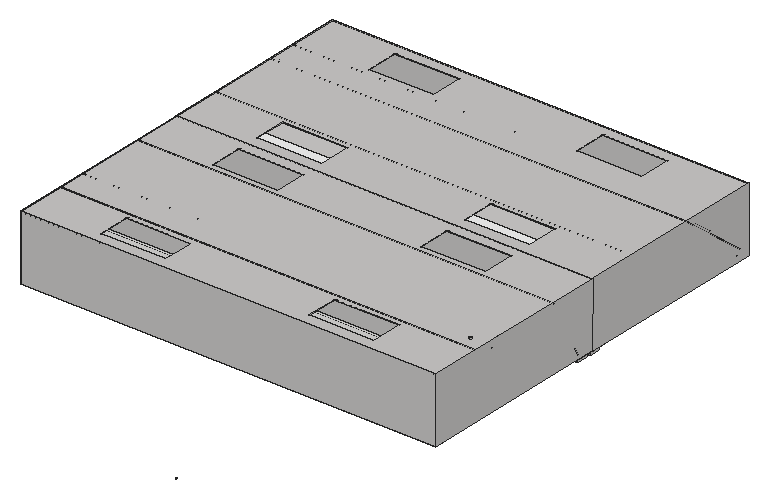
Revit family "QF_ELECTROLUXPROFESSIONAL_641396_STCF3032", category Attrezzature speciali, Revit 2021
Family settings
  Quota connettore circolare = Usa diametro
  Tipo di parte = Normale
  Basato su piano di lavoro = No
  Sempre verticale = Sì
  Taglio con vuoti quando caricato = No
  Condiviso = No
  Punto di calcolo locali = No
Parameters (values of type "Standard")
  Weight = 203.00 kg
  Watts = 480 W
  Volts = 220 V
  URL Manufacturer = "https://www.electroluxprofessional.com/"
  URL = "https://www.electroluxprofessional.com/"
  Steam Supply Size = 0 mm
  Steam Supply Minimum Pressure = 0.0 Pa
  Steam Supply Maximum Pressure = 0.0 Pa
  Steam Consumption per Hour = 0
  Refrigeration Suction Line Size = 0.0 mm
  Refrigeration Liquid Line Size = 0.0 mm
  Refrigerant Compressor Remote = yes
  Prospetto di default = 0.0 mm
  Produttore = "Electrolux Professional"
  Phase = 1
  Modello = "STCF3032"
  Length Actual = 3200.0 mm  # constant formula
  Item Number = "641396"
  Hot Water Size = 0 mm
  Height Actual = 500.0 mm  # constant formula
  HP = "0.6 HP"
  Gas Size = 0 mm
  Gas KW = 0
  Gas Input Pressure = 0 W
  Direct Waste Size = 0 mm
  Descrizione = "304 S/S ISLAND HOOD+FILT.+LAMPS 320X300"
  Depth Actual = 3000.0 mm  # constant formula
  Cycle = 50 Hz
  Condensate Return Size = 0 mm
  Compressed Air Volume = 0.0 L/s
  Compressed Air Size = 0 mm
  Compressed Air Pressure = 0.0 Pa
  Cold Water Size = 0 mm
  Accessory = yes
Reference planes
  plane 1 "Center (Front/Back)": y = 0
  plane 2: z = 0
  plane 3 "Center (Left/Right)": x = 0
  plane 4 "LEFT": x = -1600
  plane 5 "RIGHT": x = 1600
  plane 6 "BACK": y = 1500
  plane 7 "FRONT": y = -1500
  plane 8 "Base": z = 2000
  plane 9 "EIx": x = 1480
  plane 10 "Top": z = 2500
  plane 11 "BaseHood": z = 2000
  plane 12: y = 1500
  plane 13: y = -1020
Forms (mm)
  Extrusion 1, solid, material "QF_Finishes_Stainless Steel"
    sketch origin (-200, -1020, 2500) x (0, 1, 0) y (-1, 0, 0)
      loop
        circle (0, -1680) r 10
    from 0 to 1.6
Dimensions and locks
  plane 4 "LEFT" to plane 5 "RIGHT" = 3200.0 mm
  equal spacing: plane 4 "LEFT", plane 3 "Center (Left/Right)", plane 5 "RIGHT"
  equal spacing: plane 6 "BACK", plane 1 "Center (Front/Back)", plane 7 "FRONT"
  plane 6 "BACK" to plane 7 "FRONT" = 3000.0 mm  (x2)
  plane 9 "EIx" to plane 5 "RIGHT" = 120.0 mm
  plane 11 "BaseHood" to level = 2000.0 mm
  plane 10 "Top" to plane 11 "BaseHood" = 500.0 mm
  plane 13 to plane 7 "FRONT" = 480.0 mm
  aligned and locked: level to plane 2
Automatic sketch dimensions
  plane 1 "Center (Front/Back)" to Extrusion 1 sketch curve = 1020.0 mm
  Extrusion 1 sketch curve to plane 9 "EIx" = 0.0 mm
  radius of Extrusion 1 sketch curve = 10.0 mm
Nested families
  nested 1: "QF_ELECTROLUXPROFESSIONAL_641262" at (-150, -550, 0), type "QF_ELECTROLUXPROFESSIONAL_641262"
  nested 2: "QF_ELECTROLUXPROFESSIONAL_641262" at (-150, 550, 0), type "QF_ELECTROLUXPROFESSIONAL_641262"
Connectors
  hvac at (-800, -1289, 2505)
    settings: on nested 1, index 1, duct flow 0.0 L/s, flow factor 0, pres drop 0.0 Pa, loss coef 0, conn angle 0.00°, conn width 250 mm, conn height 500 mm, conn diameter 609.6 mm, duct sys type 1, conn prof type 1, flow config 1, flow direction 1, loss method 0, conn ref index -1, conn util no, is conn primary yes, conn desc "AIR INLET"
  hvac at (800, -1289, 2505)
    settings: on nested 1, index 8, duct flow 0.0 L/s, flow factor 0, pres drop 0.0 Pa, loss coef 0, conn angle 0.00°, conn width 250 mm, conn height 500 mm, conn diameter 609.6 mm, duct sys type 1, conn prof type 1, flow config 1, flow direction 1, loss method 0, conn ref index -1, conn util no, is conn primary no, conn desc "AIR INLET"
  piping at (1480, -60, 1970), diameter 9.5
    settings: on nested 1, index 10, connector inside diameter 609.6 mm, connector length 0.0 mm, flow factor 0, pipe flow 0.0 L/s, pressure drop 0.0 Pa, fitting loss kfactor 0, connector angle 0.00°, fixture units 0, engagement length 0.0 mm, angle of deflection 0.00°, flow configuration 1, flow direction 2, fitting loss method 0, system type 16, joint type 0, gender type 0, connector reference index -1, connector utility 0, adjustable connector no, is connector primary yes, connector description "Drain"
  electrical at (1480, -1020, 2501.6), driven by "Volts"
    settings: on Extrusion 1, index 11, voltage 220 V, apparent load 0 VA, apparent load phase1 0 VA, apparent load phase2 0 VA, apparent load phase3 0 VA, power factor 1, load classification "Other", number of poles 1, system type 30, power factor state 1, is connector primary yes, connector utility no, sub classification motor no, connector description "Electrical Connection"
  hvac at (-800, 1289, 2505)
    settings: on nested 2, index 12, duct flow 0.0 L/s, flow factor 0, pres drop 0.0 Pa, loss coef 0, conn angle 0.00°, conn width 500 mm, conn height 250 mm, conn diameter 609.6 mm, duct sys type 1, conn prof type 1, flow config 1, flow direction 1, loss method 0, conn ref index -1, conn util no, is conn primary no, conn desc "AIR INLET"
  hvac at (800, 1289, 2505)
    settings: on nested 2, index 15, duct flow 0.0 L/s, flow factor 0, pres drop 0.0 Pa, loss coef 0, conn angle 0.00°, conn width 500 mm, conn height 250 mm, conn diameter 609.6 mm, duct sys type 1, conn prof type 1, flow config 1, flow direction 1, loss method 0, conn ref index -1, conn util no, is conn primary no, conn desc "AIR INLET"
  piping at (1480, 60, 1970), diameter 9.5
    settings: on nested 2, index 16, connector inside diameter 609.6 mm, connector length 0.0 mm, flow factor 0, pipe flow 0.0 L/s, pressure drop 0.0 Pa, fitting loss kfactor 0, connector angle 0.00°, fixture units 0, engagement length 0.0 mm, angle of deflection 0.00°, flow configuration 1, flow direction 2, fitting loss method 0, system type 16, joint type 0, gender type 0, connector reference index -1, connector utility 0, adjustable connector no, is connector primary no, connector description ""
  hvac at (-800, 211, 2500)
    settings: on nested 2, index 17, duct flow 0.0 L/s, flow factor 0, pres drop 0.0 Pa, loss coef 0, conn angle 0.00°, conn width 250 mm, conn height 500 mm, conn diameter 609.6 mm, duct sys type 3, conn prof type 1, flow config 1, flow direction 2, loss method 0, conn ref index -1, conn util no, is conn primary no, conn desc "EXHAUST OUTLET"
  hvac at (-800, -211, 2500)
    settings: on nested 1, index 18, duct flow 0.0 L/s, flow factor 0, pres drop 0.0 Pa, loss coef 0, conn angle 0.00°, conn width 500 mm, conn height 250 mm, conn diameter 609.6 mm, duct sys type 3, conn prof type 1, flow config 1, flow direction 2, loss method 0, conn ref index -1, conn util no, is conn primary no, conn desc "EXHAUST OUTLET"
  hvac at (800, 211, 2500)
    settings: on nested 2, index 20, duct flow 0.0 L/s, flow factor 0, pres drop 0.0 Pa, loss coef 0, conn angle 0.00°, conn width 250 mm, conn height 500 mm, conn diameter 609.6 mm, duct sys type 3, conn prof type 1, flow config 1, flow direction 2, loss method 0, conn ref index -1, conn util no, is conn primary no, conn desc "EXHAUST OUTLET"
  hvac at (800, -211, 2500)
    settings: on nested 1, index 21, duct flow 0.0 L/s, flow factor 0, pres drop 0.0 Pa, loss coef 0, conn angle 0.00°, conn width 500 mm, conn height 250 mm, conn diameter 609.6 mm, duct sys type 3, conn prof type 1, flow config 1, flow direction 2, loss method 0, conn ref index -1, conn util no, is conn primary no, conn desc "EXHAUST OUTLET"
Definition of nested family "QF_ELECTROLUXPROFESSIONAL_641262"
  Parameters
    Default Elevation = 0.0 mm
  Reference planes
    plane 1: z = 0
    plane 2 "Center (Left/Right)": x = 150
    plane 3 "LEFT": x = -1450
    plane 4 "RIGHT": x = 1750
    plane 5 "BACK": y = 550
    plane 6 "TOP": z = 2500
    plane 7 "Base": z = 2000
    plane 8: z = 1955
    plane 9 "DrainY": y = 490
    plane 10: x = -1447
    plane 11 "DrainX": x = 1630
    plane 12 "AOLeft2": x = -400
    plane 13 "AORight1": x = 700
    plane 14: x = 1747
    plane 15: x = -1250
    plane 16: x = 1550
    plane 17 "Center (Front/Back)": y = -200
    plane 18 "Front": y = -950
    plane 19 "AOLeft1": x = -900
    plane 20 "AORight2": x = 1200
    plane 21: y = -864
    plane 22: y = -614
    plane 23 "EI_y": y = -470
    plane 24 "EIx": x = 1630
    plane 25: y = 464
    plane 26: y = 214
  Forms (mm)
    Extrusion 1, solid
      sketch origin (-1450, 0, 360) x (0, 1, 0) y (0, 0, 1)
        loop
          line (550, 1640) -> (550, 2140) -> (-950, 2140) -> (-950, 1640) -> (550, 1640)
      from 0 to 3
    Extrusion 2, solid
      sketch origin (1750, 0, 360) x (0, 1, 0) y (0, 0, 1)
        loop
          line (550, 1640) -> (550, 2140) -> (-950, 2140) -> (-950, 1640) -> (550, 1640)
      from 0 to -3
    Extrusion 3, solid
      sketch origin (150, 0, 360) x (0, 1, 0) y (0, 0, 1)
        loop
          line (-950, 2140) -> (-950, 1640) -> (-940, 1640) -> (-940, 1640.8) -> (-949.2, 1640.8) -> (-949.2, 2139.19) -> (549.2, 2139.19) -> (549.2, 1640.8) -> (540, 1640.8) -> (540, 1640) -> (550, 1640) -> (550, 2140) -> (-950, 2140)
      from -1600 to 1600
    Extrusion 4, solid
      sketch origin (0, 0, 2000) x (0, 1, 0) y (-1, 0, 0)
        loop
          circle (490, -1630) r 4.763
      from -30 to 0
    Extrusion 5, void
      sketch origin (0, 0, 2500) x (0, 1, 0) y (-1, 0, 0)
        loop
          line (-614, 400) -> (-614, 900) -> (-864, 900) -> (-864, 400) -> (-614, 400)
      from 0 to -10
    Extrusion 6, solid
      sketch origin (0, 0, 0) x (1, 0, 0) y (0, 1, 0)
        loop
          line (-1450, 550) -> (-1450, 549) -> (-1449, 549) -> (-1449, 550) -> (-1450, 550)
      from 0 to 1
    Extrusion 7, solid
      sketch origin (150, 0, 360) x (0, 1, 0) y (0, 0, 1)
        loop
          line (-572.823, 1962.324) -> (-418.948, 2086.929) -> (-427.129, 2097.032) -> (-581.003, 1972.426) -> (-572.823, 1962.324)
      from 1597 to -1597
    Sweep 8, solid
      path origin (0, 0, 0) x (1, 0, 0) y (0, 1, 0)
        loop
          line (1750, 550) -> (-1450, 550) -> (-1450, -950) -> (1750, -950) -> (1750, 550)
      profile origin (1750, -200, 0) x (1, 0, 0) y (0, 0, 1)
        loop
          line (-3, 2000) -> (-3, 2000.8) -> (-19, 2000.8) -> (-19, 2010) -> (-20, 2010) -> (-20, 2000) -> (-3, 2000)
    Extrusion 9, solid
      sketch origin (150, 0, 0) x (0, 1, 0) y (0, 0, 1)
        loop
          line (414.66, 2095.469) -> (440.643, 2110.471) -> (261.744, 2411.771) -> (235.948, 2396.455) -> (414.66, 2095.469)
      from -1597 to -1400
    Extrusion 10, void
      sketch origin (1134.605, 0, 2500) x (0, 1, 0) y (-1, 0, 0)
        loop
          line (-614, -65.395) -> (-614, 434.605) -> (-864, 434.605) -> (-864, -65.395) -> (-614, -65.395)
      from 0 to -10
    Extrusion 11, solid
      sketch origin (1630, 0, 0) x (0, 1, 0) y (0, 0, 1)
        loop
          line (539, 2000) -> (441, 2000) -> (441, 1989) -> (448.5, 1989) -> (448.5, 1965)
          arc (448.5, 1965) -> (451.429, 1957.929) -> (458.5, 1955) r 10
          line (458.5, 1955) -> (521.5, 1955)
          arc (521.5, 1955) -> (528.571, 1957.929) -> (531.5, 1965) r 10
          line (531.5, 1965) -> (531.5, 1989) -> (539, 1989) -> (539, 2000)
      from 90 to -90
    Extrusion 12, solid
      sketch origin (150, 0, 0) x (0, 1, 0) y (0, 0, 1)
        loop
          line (414.66, 2095.469) -> (440.643, 2110.471) -> (261.744, 2411.771) -> (235.948, 2396.455) -> (414.66, 2095.469)
      from 1400 to 1597
    Extrusion 13, solid
      sketch origin (150, 0, 0) x (0, 1, 0) y (0, 0, 1)
        loop
          line (414.66, 2095.469) -> (440.643, 2110.471) -> (261.744, 2411.771) -> (235.948, 2396.455) -> (414.66, 2095.469)
      from -1400 to 1400
    Extrusion 14, void
      sketch origin (0, 1180, 2500) x (0, 1, 0) y (-1, 0, 0)
        loop
          line (-716, 400) -> (-716, 900) -> (-966, 900) -> (-966, 400) -> (-716, 400)
      from 0 to -10
    Extrusion 15, void
      sketch origin (1600, 1180, 2500) x (0, 1, 0) y (-1, 0, 0)
        loop
          line (-716, 400) -> (-716, 900) -> (-966, 900) -> (-966, 400) -> (-716, 400)
      from 0 to -10
    Extrusion 16, solid
      sketch origin (150, 0, 360) x (0, 1, 0) y (0, 0, 1)
        loop
          line (430.005, 1640) -> (540, 1640) -> (540, 1640.8) -> (430.467, 1640.8) -> (371.906, 1742.23) -> (414.858, 1734.657) -> (442.266, 1750.481) -> (442.266, 1765.943) -> (441.466, 1765.943) -> (441.466, 1750.943) -> (414.709, 1735.495) -> (321.153, 1751.991) -> (320.875, 1750.416) -> (371.4, 1741.507) -> (430.005, 1640)
        loop
          line (172.529, 2139.19) -> (242.893, 2017.316) -> (245.133, 2018.715) -> (240.13, 2027.381) -> (238.569, 2026.405) -> (173.453, 2139.19) -> (172.529, 2139.19)
      from -1597 to 1597
    Extrusion 17, solid
      sketch origin (150, 200.8, 360) x (0, 1, 0) y (0, 0, 1)
        loop
          line (-1150, 2139.19) -> (-1150, 1640) -> (-1086.602, 1640) -> (-999.146, 1690.493) -> (-1010.058, 1709.394) -> (-1066.564, 1676.77) -> (-1114.704, 1680.982) -> (-1149.2, 1730.248) -> (-1149.2, 2139.19) -> (-1150, 2139.19)
        loop
          line (-773.6, 1961.694) -> (-781.937, 1971.99) -> (-769.095, 1982.182) -> (-769.095, 2139.19) -> (-769.895, 2139.19) -> (-769.895, 1982.569) -> (-1082.298, 1734.63) -> (-1071.091, 1720.79) -> (-773.6, 1961.694)
        loop
          line (-627.61, 2099.216) -> (-618.171, 2087.559) -> (-554.411, 2139.19) -> (-555.682, 2139.19) -> (-618.052, 2088.684) -> (-626.989, 2099.719) -> (-627.61, 2099.216)
      from -1597 to 1597
  Cuts and joins
    Extrusion 5, Extrusion 10, Extrusion 14, Extrusion 15 cuts Extrusion 3
    joined: Extrusion 2, Extrusion 3, Sweep 8
  Lines and regions (mm)
    symbolic lines, detail levels coarse
      curve 1: line (1750, 550, 2500) -> (-1450, 550, 2500)
      curve 2: line (-1450, 550, 2500) -> (-1450, -950, 2500)
      curve 3: line (1750, -950, 2500) -> (1750, 550, 2500)
      curve 4: line (-1450, 550, 0) -> (1750, -950, 0)
      curve 5: line (1750, 550, 0) -> (-1450, -950, 0)
      curve 6: line (-1450, -950, 0) -> (1750, -950, 0)
      curve 7: line (-900, 214, 2500) -> (-400, 214, 2500)
      curve 8: line (-900, 464, 2500) -> (-900, 214, 2500)
      curve 9: line (-400, 464, 2500) -> (-900, 464, 2500)
      curve 10: line (-400, 214, 2500) -> (-400, 464, 2500)
      curve 11: line (700, 464, 2500) -> (700, 214, 2500)
      curve 12: line (1200, 464, 2500) -> (700, 464, 2500)
      curve 13: line (700, 214, 2500) -> (1200, 214, 2500)
      curve 14: line (1200, 214, 2500) -> (1200, 464, 2500)
    symbolic lines
      curve 15: line (-900, -614, 0) -> (-400, -614, 0)
      curve 16: line (-900, -864, 0) -> (-900, -614, 0)
      curve 17: line (-400, -864, 0) -> (-900, -864, 0)
      curve 18: line (-400, -614, 0) -> (-400, -864, 0)
      curve 19: line (700, -614, 0) -> (1200, -614, 0)
      curve 20: line (700, -864, 0) -> (700, -614, 0)
      curve 21: line (1200, -864, 0) -> (700, -864, 0)
      curve 22: line (1200, -614, 0) -> (1200, -864, 0)
  Dimensions and locks
    plane 3 "LEFT" to plane 4 "RIGHT" = 3200.0 mm
    equal spacing: plane 3 "LEFT", plane 2 "Center (Left/Right)", plane 4 "RIGHT"
    plane 7 "Base" to plane 8 = 45.0 mm
    plane 5 "BACK" to plane 9 "DrainY" = 60.0 mm  (x2)
    plane 3 "LEFT" to plane 10 = 3.0 mm
    plane 11 "DrainX" to plane 4 "RIGHT" = 120.0 mm
    plane 14 to plane 4 "RIGHT" = 3.0 mm
    plane 3 "LEFT" to plane 15 = 200.0 mm
    plane 16 to plane 4 "RIGHT" = 200.0 mm
    locked: plane 12 "AOLeft2" to plane 13 "AORight1" at 1100
    equal spacing: plane 12 "AOLeft2", plane 2 "Center (Left/Right)", plane 13 "AORight1"
    locked: plane 7 "Base" to level at 2000
    locked: plane 6 "TOP" to plane 7 "Base" at 500
    locked: plane 19 "AOLeft1" to plane 12 "AOLeft2" at 500
    locked: plane 13 "AORight1" to plane 20 "AORight2" at 500
    locked: plane 22 to plane 21 at 250
    locked: plane 21 to plane 18 "Front" at 86
    locked: plane 23 "EI_y" to plane 18 "Front" at 480
    locked: plane 24 "EIx" to plane 4 "RIGHT" at 120
    locked: plane 5 "BACK" to plane 18 "Front" at 1500
    plane 5 "BACK" to plane 18 "Front" = 1500.0 mm
    equal spacing: plane 5 "BACK", plane 17 "Center (Front/Back)", plane 18 "Front"
    locked: plane 26 to plane 25 at 250
    plane 5 "BACK" to plane 25 = 86.0 mm
    aligned and locked: level to plane 1
    aligned and locked: plane 4 "RIGHT" to Extrusion 3
    aligned and locked: Extrusion 3 to plane 3 "LEFT"
    aligned and locked: Extrusion 2 to plane 14
    aligned and locked: Extrusion 9 to plane 10
    aligned and locked: Extrusion 5 to plane 19 "AOLeft1"
    aligned and locked: Extrusion 5 to plane 12 "AOLeft2"
    aligned and locked: plane 20 "AORight2" to Extrusion 10
    aligned and locked: plane 13 "AORight1" to Extrusion 10
    aligned and locked: plane 15 to Extrusion 9
    aligned and locked: plane 16 to Extrusion 12
    aligned and locked: plane 14 to Extrusion 12
    aligned and locked: Extrusion 13 to plane 15
    aligned and locked: Extrusion 13 to plane 16
    aligned and locked: plane 14 to Extrusion 7
    aligned and locked: Extrusion 7 to plane 10
    aligned and locked: plane 13 "AORight1" to Extrusion 15
    aligned and locked: plane 20 "AORight2" to Extrusion 15
    aligned and locked: Extrusion 14 to plane 19 "AOLeft1"
    aligned and locked: Extrusion 14 to plane 12 "AOLeft2"
    aligned and locked: Extrusion 16 to plane 10
    aligned and locked: plane 14 to Extrusion 16
    aligned and locked: Extrusion 5 to plane 21
    aligned and locked: plane 22 to Extrusion 5
    aligned and locked: Extrusion 10 to plane 21
    aligned and locked: Extrusion 17 to plane 10
    aligned and locked: plane 14 to Extrusion 17
    aligned and locked: cut or joined group of Extrusion 2, Extrusion 3, Extrusion 5, Sweep 8, Extrusion 10, Extrusion 14, Extrusion 15 to plane 25  (x2)
    aligned and locked: curve 9 to plane 25
    aligned and locked: curve 12 to plane 25
    aligned and locked: plane 26 to cut or joined group of Extrusion 2, Extrusion 3, Extrusion 5, Sweep 8, Extrusion 10, Extrusion 14, Extrusion 15  (x2)
    aligned and locked: plane 26 to curve 13
    aligned and locked: plane 26 to curve 7
  Automatic sketch dimensions
    Extrusion 4 sketch curve to plane 9 "DrainY" = 0.0 mm
    Extrusion 4 sketch curve to plane 11 "DrainX" = 0.0 mm
    Extrusion 9 sketch curve to plane 9 "DrainY" = 75.34 mm
    Extrusion 9 sketch curve to Extrusion 9 sketch curve = 25.983 mm
    plane 7 "Base" to Extrusion 9 sketch curve = 95.469 mm
    Extrusion 9 sketch curve to Extrusion 9 sketch curve = 15.001 mm
    Extrusion 9 sketch curve to plane 6 "TOP" = 103.545 mm
    Extrusion 9 sketch curve to Extrusion 9 sketch curve = 15.316 mm
    Extrusion 12 sketch curve to plane 9 "DrainY" = 75.34 mm
    Extrusion 12 sketch curve to Extrusion 12 sketch curve = 25.983 mm
    plane 7 "Base" to Extrusion 12 sketch curve = 95.469 mm
    Extrusion 12 sketch curve to Extrusion 12 sketch curve = 15.001 mm
    Extrusion 12 sketch curve to plane 6 "TOP" = 103.545 mm
    Extrusion 12 sketch curve to Extrusion 12 sketch curve = 15.316 mm
    Extrusion 13 sketch curve to plane 9 "DrainY" = 75.34 mm
    Extrusion 13 sketch curve to Extrusion 13 sketch curve = 25.983 mm
    plane 7 "Base" to Extrusion 13 sketch curve = 95.469 mm
    Extrusion 13 sketch curve to Extrusion 13 sketch curve = 15.001 mm
    Extrusion 13 sketch curve to plane 6 "TOP" = 103.545 mm
    Extrusion 13 sketch curve to Extrusion 13 sketch curve = 15.316 mm
    Extrusion 16 sketch curve to plane 7 "Base" = 0.0 mm
    Extrusion 16 sketch curve to plane 6 "TOP" = 0.81 mm
    Extrusion 16 sketch curve to Extrusion 16 sketch curve = 0.924 mm
    Extrusion 16 sketch curve to Extrusion 16 sketch curve = 2.24 mm
    Extrusion 16 sketch curve to Extrusion 16 sketch curve = 0.278 mm
    Extrusion 16 sketch curve to Extrusion 16 sketch curve = 50.525 mm
    Extrusion 16 sketch curve to Extrusion 16 sketch curve = 0.506 mm
    Extrusion 16 sketch curve to Extrusion 16 sketch curve = 42.803 mm
    Extrusion 16 sketch curve to Extrusion 16 sketch curve = 0.148 mm
    Extrusion 16 sketch curve to plane 9 "DrainY" = 59.995 mm
    plane 7 "Base" to Extrusion 16 sketch curve = 0.8 mm
    Extrusion 16 sketch curve to Extrusion 16 sketch curve = 0.462 mm  (x2)
    Extrusion 16 sketch curve to Extrusion 16 sketch curve = 109.533 mm
    Extrusion 16 sketch curve to Extrusion 16 sketch curve = 26.757 mm
    Extrusion 16 sketch curve to Extrusion 16 sketch curve = 0.8 mm
    plane 7 "Base" to Extrusion 16 sketch curve = 94.657 mm
    Extrusion 16 sketch curve to Extrusion 16 sketch curve = 0.838 mm
    Extrusion 16 sketch curve to Extrusion 16 sketch curve = 6.012 mm
    Extrusion 16 sketch curve to Extrusion 16 sketch curve = 0.723 mm
    Extrusion 16 sketch curve to Extrusion 16 sketch curve = 14.986 mm
    Extrusion 16 sketch curve to Extrusion 16 sketch curve = 15.0 mm
    Extrusion 16 sketch curve to plane 6 "TOP" = 122.684 mm
    Extrusion 16 sketch curve to Extrusion 16 sketch curve = 1.399 mm
    Extrusion 16 sketch curve to Extrusion 16 sketch curve = 9.089 mm
    Extrusion 16 sketch curve to Extrusion 16 sketch curve = 0.975 mm
    Extrusion 9 sketch curve to plane 9 "DrainY" = 228.256 mm
    Extrusion 9 sketch curve to Extrusion 9 sketch curve = 25.795 mm
    Extrusion 12 sketch curve to plane 9 "DrainY" = 228.256 mm
    Extrusion 12 sketch curve to Extrusion 12 sketch curve = 25.795 mm
    Extrusion 13 sketch curve to plane 9 "DrainY" = 228.256 mm
    Extrusion 13 sketch curve to Extrusion 13 sketch curve = 25.795 mm
    Extrusion 16 sketch curve to plane 9 "DrainY" = 75.142 mm
    Extrusion 16 sketch curve to plane 9 "DrainY" = 244.867 mm
    Extrusion 16 sketch curve to Extrusion 16 sketch curve = 5.003 mm
    Extrusion 16 sketch curve to Extrusion 16 sketch curve = 1.561 mm
    Extrusion 16 sketch curve to Extrusion 16 sketch curve = 66.677 mm
    curve 6 to plane 3 "LEFT" = 0.0 mm
    curve 4 to plane 3 "LEFT" = 0.0 mm
    curve 16 to plane 19 "AOLeft1" = 0.0 mm
    curve 18 to plane 12 "AOLeft2" = 0.0 mm
    curve 20 to plane 13 "AORight1" = 0.0 mm
    curve 22 to plane 20 "AORight2" = 0.0 mm
    curve 6 to plane 4 "RIGHT" = 0.0 mm
    curve 5 to plane 4 "RIGHT" = 0.0 mm
    curve 4 to plane 18 "Front" = 0.0 mm
    curve 21 to plane 21 = 0.0 mm
    curve 17 to plane 21 = 0.0 mm
    curve 18 to plane 22 = 0.0 mm
    curve 19 to plane 22 = 0.0 mm
    curve 4 to plane 5 "BACK" = 0.0 mm
    curve 5 to plane 5 "BACK" = 0.0 mm
    curve 2 to plane 3 "LEFT" = 0.0 mm
    curve 2 to plane 18 "Front" = 0.0 mm
    curve 3 to plane 4 "RIGHT" = 0.0 mm
    curve 3 to plane 18 "Front" = 0.0 mm
    curve 13 to plane 20 "AORight2" = 0.0 mm
    curve 11 to plane 13 "AORight1" = 0.0 mm
    curve 7 to plane 19 "AOLeft1" = 0.0 mm
    curve 7 to plane 12 "AOLeft2" = 0.0 mm
    curve 2 to plane 5 "BACK" = 0.0 mm
    Extrusion 1 sketch curve to plane 7 "Base" = 0.0 mm
    Extrusion 1 sketch curve to plane 18 "Front" = 0.0 mm
    Extrusion 1 sketch curve to plane 5 "BACK" = 0.0 mm
    Extrusion 1 sketch curve to plane 6 "TOP" = 0.0 mm
    Extrusion 2 sketch curve to plane 7 "Base" = 0.0 mm
    Extrusion 2 sketch curve to plane 18 "Front" = 0.0 mm
    Extrusion 2 sketch curve to plane 5 "BACK" = 0.0 mm
    Extrusion 2 sketch curve to plane 6 "TOP" = 0.0 mm
    Extrusion 3 sketch curve to plane 6 "TOP" = 0.0 mm
    Extrusion 3 sketch curve to plane 18 "Front" = 0.0 mm
    Extrusion 3 sketch curve to plane 7 "Base" = 0.0 mm  (x2)
    Extrusion 3 sketch curve to plane 5 "BACK" = 0.0 mm
    plane 18 "Front" to Extrusion 3 sketch curve = 0.8 mm
    Extrusion 3 sketch curve to Extrusion 3 sketch curve = 9.2 mm
    plane 7 "Base" to Extrusion 3 sketch curve = 0.8 mm  (x2)
    Extrusion 3 sketch curve to plane 5 "BACK" = 10.0 mm
    Extrusion 3 sketch curve to plane 5 "BACK" = 0.8 mm
    Extrusion 3 sketch curve to plane 6 "TOP" = 0.81 mm
    Extrusion 5 sketch curve to plane 12 "AOLeft2" = 0.0 mm
    Extrusion 5 sketch curve to plane 21 = 0.0 mm
    Extrusion 5 sketch curve to plane 22 = 0.0 mm
    Extrusion 5 sketch curve to plane 19 "AOLeft1" = 0.0 mm
    Extrusion 6 sketch curve to plane 3 "LEFT" = 0.0 mm
    Extrusion 6 sketch curve to plane 5 "BACK" = 0.0 mm
    plane 3 "LEFT" to Extrusion 6 sketch curve = 1.0 mm
    Extrusion 6 sketch curve to Extrusion 6 sketch curve = 1.0 mm
    plane 22 to Extrusion 7 sketch curve = 32.997 mm
    Extrusion 7 sketch curve to Extrusion 7 sketch curve = 8.181 mm  (x2)
    plane 23 "EI_y" to Extrusion 7 sketch curve = 42.871 mm
    Extrusion 7 sketch curve to plane 6 "TOP" = 177.676 mm
    Extrusion 7 sketch curve to Extrusion 7 sketch curve = 10.102 mm
    Extrusion 7 sketch curve to plane 6 "TOP" = 53.071 mm
    Extrusion 7 sketch curve to Extrusion 7 sketch curve = 10.103 mm
    Sweep 8 sketch curve to plane 3 "LEFT" = 0.0 mm
    Sweep 8 sketch curve to plane 4 "RIGHT" = 0.0 mm
    Sweep 8 sketch curve to plane 18 "Front" = 0.0 mm
    Sweep 8 sketch curve to plane 5 "BACK" = 0.0 mm
    profile plane to Sweep 8 sketch curve = 20.0 mm
    Sweep 8 sketch curve to Sweep 8 sketch curve = 1.0 mm
    profile plane to Sweep 8 sketch curve = 3.0 mm
    level to Sweep 8 sketch curve = 2000.0 mm
    Sweep 8 sketch curve to Sweep 8 sketch curve = 0.8 mm
    Sweep 8 sketch curve to Sweep 8 sketch curve = 9.2 mm
    Extrusion 10 sketch curve to plane 20 "AORight2" = 0.0 mm
    Extrusion 10 sketch curve to plane 21 = 0.0 mm
    Extrusion 10 sketch curve to plane 22 = 0.0 mm
    Extrusion 10 sketch curve to plane 13 "AORight1" = 0.0 mm
    Extrusion 11 sketch curve to plane 7 "Base" = 0.0 mm
    Extrusion 11 sketch curve to plane 8 = 0.0 mm
    Extrusion 11 sketch curve to plane 7 "Base" = 11.0 mm  (x2)
    plane 25 to Extrusion 11 sketch curve = 23.0 mm
    Extrusion 11 sketch curve to Extrusion 11 sketch curve = 7.5 mm  (x2)
    plane 25 to Extrusion 11 sketch curve = 5.5 mm
    Extrusion 11 sketch curve to plane 5 "BACK" = 28.5 mm
    Extrusion 11 sketch curve to plane 5 "BACK" = 18.5 mm
    Extrusion 14 sketch curve to plane 12 "AOLeft2" = 0.0 mm
    Extrusion 14 sketch curve to plane 19 "AOLeft1" = 0.0 mm
    Extrusion 14 sketch curve to plane 9 "DrainY" = 26.0 mm
    Extrusion 14 sketch curve to plane 26 = 0.0 mm
    Extrusion 15 sketch curve to plane 20 "AORight2" = 0.0 mm
    Extrusion 15 sketch curve to plane 13 "AORight1" = 0.0 mm
    Extrusion 15 sketch curve to plane 9 "DrainY" = 26.0 mm
    Extrusion 15 sketch curve to plane 26 = 0.0 mm
    Extrusion 17 sketch curve to plane 7 "Base" = 0.0 mm
    plane 18 "Front" to Extrusion 17 sketch curve = 0.8 mm
    Extrusion 17 sketch curve to Extrusion 17 sketch curve = 0.8 mm  (x2)
    plane 18 "Front" to Extrusion 17 sketch curve = 36.096 mm
    Extrusion 17 sketch curve to plane 21 = 21.802 mm
    Extrusion 17 sketch curve to plane 21 = 17.498 mm
    Extrusion 17 sketch curve to plane 21 = 6.291 mm
    Extrusion 17 sketch curve to plane 21 = 1.764 mm
    plane 21 to Extrusion 17 sketch curve = 54.742 mm
    Extrusion 17 sketch curve to Extrusion 17 sketch curve = 10.912 mm
    plane 22 to Extrusion 17 sketch curve = 32.863 mm
    Extrusion 17 sketch curve to Extrusion 17 sketch curve = 8.337 mm
    Extrusion 17 sketch curve to Extrusion 17 sketch curve = 12.042 mm
    plane 23 "EI_y" to Extrusion 17 sketch curve = 43.19 mm
    Extrusion 17 sketch curve to Extrusion 17 sketch curve = 0.622 mm
    Extrusion 17 sketch curve to Extrusion 17 sketch curve = 9.44 mm
    Extrusion 17 sketch curve to Extrusion 17 sketch curve = 0.118 mm
    Extrusion 17 sketch curve to plane 6 "TOP" = 0.81 mm  (x3)
    Extrusion 17 sketch curve to Extrusion 17 sketch curve = 62.37 mm
    Extrusion 17 sketch curve to Extrusion 17 sketch curve = 1.271 mm
    plane 7 "Base" to Extrusion 17 sketch curve = 36.77 mm
    plane 7 "Base" to Extrusion 17 sketch curve = 40.982 mm
    plane 7 "Base" to Extrusion 17 sketch curve = 50.493 mm
    Extrusion 17 sketch curve to Extrusion 17 sketch curve = 18.901 mm
    Extrusion 17 sketch curve to Extrusion 17 sketch curve = 44.02 mm
    Extrusion 17 sketch curve to Extrusion 17 sketch curve = 49.266 mm
    Extrusion 17 sketch curve to Extrusion 17 sketch curve = 13.84 mm
    Extrusion 17 sketch curve to plane 6 "TOP" = 178.306 mm
    Extrusion 17 sketch curve to Extrusion 17 sketch curve = 10.296 mm
    Extrusion 17 sketch curve to Extrusion 17 sketch curve = 10.192 mm
    Extrusion 17 sketch curve to Extrusion 17 sketch curve = 0.386 mm
    Extrusion 17 sketch curve to plane 6 "TOP" = 52.441 mm
    Extrusion 17 sketch curve to Extrusion 17 sketch curve = 1.125 mm
    radius of Extrusion 4 sketch curve = 4.763 mm
